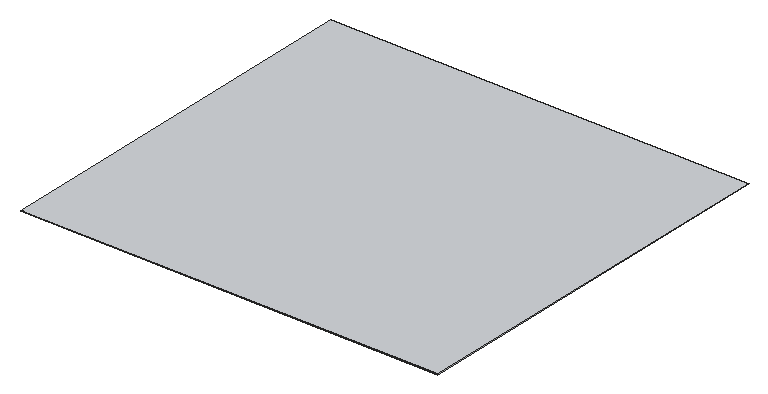
Revit family "WLL_bay_template", category Walls, Revit 2024
Family settings
  Work Plane-Based = No
  Always vertical = No
  Cut with Voids When Loaded = No
  Shared = Yes
Parameters
  Type IFC Predefined Type = "PARTITIONING"
  Structural Material = <By Category>
  HSL_drofus_room_func_no [instance] = ""
  HSL_WIDTH [instance] = 2367.295 mm
  HSL_ROOM_NUMBER [instance] = ""
  HSL_ROOM_NAME_SHORT [instance] = ""
  HSL_ROOM_NAME [instance] = ""
  HSL_HEIGHT [instance] = 2438.4 mm
  HSL_GROSS_FLOOR_AREA [instance] = 0.00 m²
  HSL_DEPTH [instance] = 1044.001 mm
  HSL_DEPARTMENT_2 [instance] = ""
  HSL_DEPARTMENT_1 [instance] = ""
  HSL_DEPARTMENT [instance] = ""
  HSL_CLIENT_REQ_AREA_DIFF_PERC [instance] = if(HSL_GROSS_FLOOR_AREA - HSL_CLIENT_REQ_AREA = 0.00 m², 0, if(HSL_CLIENT_REQ_AREA = 0.00 m², 9999, 100 * (HSL_GROSS_FLOOR_AREA - HSL_CLIENT_REQ_AREA) / HSL_CLIENT_REQ_AREA))  # 0
  HSL_CLIENT_REQ_AREA_DIFF [instance] = HSL_GROSS_FLOOR_AREA - HSL_CLIENT_REQ_AREA  # 0.00 m²
  HSL_CLIENT_REQ_AREA [instance] = 0.00 m²
  Export Type to IFC As = "IfcWallType"
Reference planes
  plane 1: z = 0
  plane 2: z = 2438.4
  plane 3: x = 0
  plane 4: y = 0
Dimensions and locks
  "HSL_HEIGHT": plane 2 to level
  aligned and locked: nested 2 to plane 3
  aligned and locked: plane 4 to nested 2
  aligned and locked: nested 3 to plane 3
  aligned and locked: plane 4 to nested 3
Nested families
  nested 1: "ANN_Planning_nested_tag" at (0, -0.618, 0), HSL_DEPTH <- "HSL_DEPTH", HSL_WIDTH <- "HSL_WIDTH", HSL_ROOM_NAME_SHORT <- "HSL_ROOM_NAME_SHORT", HSL_drofus_room_func_no <- "HSL_drofus_room_func_no", HSL_CLIENT_REQ_AREA <- "HSL_CLIENT_REQ_AREA", HSL_GROSS_FLOOR_AREA <- "HSL_GROSS_FLOOR_AREA", type "ANN_Planning_nested_tag"
    with HSL_drofus_room_func_no "", HSL_WIDTH 2367.295 mm, HSL_ROOM_NAME_SHORT "", HSL_ID_INSTANCE "", HSL_GROSS_FLOOR_AREA 0.00 m², HSL_DEPTH 1044.001 mm, HSL_CLIENT_REQ_AREA 0.00 m²
  nested 2: "GEN_Inner_Nested_Bay_template" at (0, 0, 0), HSL_DEPARTMENT <- "HSL_DEPARTMENT", HSL_DEPARTMENT_1 <- "HSL_DEPARTMENT_1", HSL_DEPARTMENT_2 <- "HSL_DEPARTMENT_2", HSL_ROOM_NUMBER <- "HSL_ROOM_NUMBER", HSL_drofus_room_func_no <- "HSL_drofus_room_func_no", HSL_CLIENT_REQ_AREA_DIFF <- "HSL_CLIENT_REQ_AREA_DIFF", HSL_CLIENT_REQ_AREA_DIFF_PERC <- "HSL_CLIENT_REQ_AREA_DIFF_PERC", HSL_DEPTH <- "HSL_DEPTH", HSL_HEIGHT <- "HSL_HEIGHT", HSL_WIDTH <- "HSL_WIDTH", type "Rectangle_Inner_Nested", detail levels medium+fine
    with HSL_drofus_room_func_no "", HSL_WIDTH 2367.295 mm, HSL_ROOM_NUMBER "", HSL_HEIGHT 2438.4 mm, HSL_DEPTH 1044.001 mm, HSL_DEPARTMENT_2 "", HSL_DEPARTMENT_1 "", HSL_DEPARTMENT "", HSL_CLIENT_REQ_AREA_DIFF_PERC 0, HSL_CLIENT_REQ_AREA_DIFF 0.00 m²
  nested 3: "GEN_Inner_Nested_Coarse_Bay_template" at (0, 0, 0), HSL_DEPTH <- "HSL_DEPTH", HSL_HEIGHT <- "HSL_HEIGHT", HSL_WIDTH <- "HSL_WIDTH", HSL_DEPARTMENT <- "HSL_DEPARTMENT", HSL_DEPARTMENT_1 <- "HSL_DEPARTMENT_1", HSL_DEPARTMENT_2 <- "HSL_DEPARTMENT_2", HSL_ROOM_NUMBER <- "HSL_ROOM_NUMBER", HSL_drofus_room_func_no <- "HSL_drofus_room_func_no", HSL_CLIENT_REQ_AREA_DIFF <- "HSL_CLIENT_REQ_AREA_DIFF", HSL_CLIENT_REQ_AREA_DIFF_PERC <- "HSL_CLIENT_REQ_AREA_DIFF_PERC", type "Rectangle_Inner_Nested", detail levels coarse
    with HSL_drofus_room_func_no "", HSL_WIDTH 2367.295 mm, HSL_ROOM_NUMBER "", HSL_HEIGHT 2438.4 mm, HSL_DEPTH 1044.001 mm, HSL_DEPARTMENT_2 "", HSL_DEPARTMENT_1 "", HSL_DEPARTMENT "", HSL_CLIENT_REQ_AREA_DIFF_PERC 0, HSL_CLIENT_REQ_AREA_DIFF 0.00 m²
Definition of nested family "GEN_Inner_Nested_Bay_template"
  Parameters (values of type "Rectangle_Inner_Nested")
    Learning Link = ""
    HSL_drofus_room_func_no [instance] = ""
    HSL_WIDTH [instance] = 1880 mm
    HSL_ROOM_NUMBER [instance] = ""
    HSL_HEIGHT [instance] = 1574.089 mm
    HSL_DEPTH [instance] = 1766.032 mm
    HSL_DEPARTMENT_2 [instance] = ""
    HSL_DEPARTMENT_1 [instance] = ""
    HSL_DEPARTMENT [instance] = ""
    HSL_CLIENT_REQ_AREA_DIFF_PERC [instance] = 0
    HSL_CLIENT_REQ_AREA_DIFF [instance] = 0.00 m²
    Default Elevation = 0 mm
  Reference planes
    plane 1 "Center (Front/Back)": y = 0
    plane 2: z = 0
    plane 3 "Center (Left/Right)": x = 0
    plane 4: z = 1574.089
  Forms (mm)
    Extrusion 1, solid, detail levels medium+fine
      sketch origin (0, 0, 0) x (1, 0, 0) y (0, 1, 0)
        loop
          line (-832.073, 775.089) -> (-832.073, -775.089) -> (832.073, -775.089) -> (832.073, 775.089) -> (-832.073, 775.089)
      from 0 to 1
  Lines and regions (mm)
    model lines, detail levels medium+fine
      curve 1: line (0, 0, 0) -> (0, 0, 1574.089)
  Dimensions and locks
    "HSL_HEIGHT": plane 4 to level
    aligned and locked: level to plane 2
    aligned and locked: plane 4 to curve 1
    aligned and locked: level to curve 1
    aligned and locked: plane 3 "Center (Left/Right)" to curve 1
  Automatic sketch dimensions
    plane 3 "Center (Left/Right)" to Extrusion 1 sketch curve = 832.073 mm
    Extrusion 1 sketch curve to plane 1 "Center (Front/Back)" = 775.089 mm
    Extrusion 1 sketch curve to plane 3 "Center (Left/Right)" = 832.073 mm
    plane 1 "Center (Front/Back)" to Extrusion 1 sketch curve = 775.089 mm
Definition of nested family "ANN_Planning_nested_tag"
  Parameters (values of type "ANN_Planning_nested_tag")
    Learning Link = ""
    HSL_drofus_room_func_no [instance] = "00.00.00"
    HSL_WIDTH [instance] = 2000 mm
    HSL_ROOM_NAME_SHORT [instance] = "SAMPLE"
    HSL_ID_INSTANCE [instance] = ""
    HSL_GROSS_FLOOR_AREA [instance] = 60.00 m²
    HSL_DEPTH [instance] = 3000 mm
    HSL_CLIENT_REQ_AREA [instance] = 30.00 m²
    Default Elevation = 0 mm
  Reference planes
    plane 1 "Center (Front/Back)": y = 0
    plane 2: z = 0
    plane 3 "Center (Left/Right)": x = 0
  Dimensions and locks
    aligned and locked: level to plane 2
  Nested families
    nested 1: "SYM_Planning_Annotation" at (-30, -159.812, 0), HSL_GROSS_FLOOR_AREA <- "HSL_GROSS_FLOOR_AREA", HSL_ROOM_NAME_SHORT <- "HSL_ROOM_NAME_SHORT", HSL_drofus_room_func_no <- "HSL_drofus_room_func_no", HSL_DEPTH <- "HSL_DEPTH", HSL_WIDTH <- "HSL_WIDTH", HSL_CLIENT_REQ_AREA <- "HSL_CLIENT_REQ_AREA", type "SYM_Planning_Annotation"
      with HSL_drofus_room_func_no "00.00.00", HSL_WIDTH 2000 mm, HSL_ROOM_NAME_SHORT "SAMPLE", HSL_GROSS_FLOOR_AREA 60.00 m², HSL_DEPTH 3000 mm, HSL_CLIENT_REQ_AREA 30.00 m²
  Definition of nested family "SYM_Planning_Annotation"
    Parameters (values of type "SYM_Planning_Annotation")
      HSL_drofus_room_func_no [instance] = ""
      HSL_WIDTH [instance] = 0 mm
      HSL_ROOM_NAME_SHORT [instance] = ""
      HSL_GROSS_FLOOR_AREA [instance] = 0.00 m²
      HSL_DEPTH [instance] = 0 mm
      HSL_CLIENT_REQ_AREA [instance] = 0.00 m²
    Reference planes
      plane 1: y = 0
      plane 2: x = 0
    Text (mm)
      label "HSL_WIDTH/ HSL_DEPTH\nHSL_drofus_room_func_no\nHSL_ROOM_NAME_SHORT\nHSL_GROSS_FLOOR_AREA /  [HSL_CLIENT_REQ_AREA]" at (1.878, 17.288, 0), shows "HSL_WIDTH", "HSL_DEPTH", "HSL_drofus_room_func_no", "HSL_ROOM_NAME_SHORT", "HSL_GROSS_FLOOR_AREA", "HSL_CLIENT_REQ_AREA"
Definition of nested family "GEN_Inner_Nested_Coarse_Bay_template"
  Parameters (values of type "Rectangle_Inner_Nested")
    Learning Link = ""
    HSL_drofus_room_func_no [instance] = ""
    HSL_WIDTH [instance] = 3000 mm
    HSL_ROOM_NUMBER [instance] = ""
    HSL_HEIGHT [instance] = 1574.089 mm
    HSL_DEPTH [instance] = 3000 mm
    HSL_DEPARTMENT_2 [instance] = ""
    HSL_DEPARTMENT_1 [instance] = ""
    HSL_DEPARTMENT [instance] = ""
    HSL_CLIENT_REQ_AREA_DIFF_PERC [instance] = 0
    HSL_CLIENT_REQ_AREA_DIFF [instance] = 0.00 m²
    Default Elevation = 0 mm
  Reference planes
    plane 1 "Center (Front/Back)": y = 0
    plane 2: z = 0
    plane 3 "Center (Left/Right)": x = 0
    plane 4: z = 1574.089
  Forms (mm)
    Extrusion 1, solid, detail levels coarse
      sketch origin (0, 0, 0) x (1, 0, 0) y (0, 1, 0)
        loop
          arc (-1200, 1400) -> (-1341.421, 1341.421) -> (-1400, 1200) r 200
          line (-1400, 1200) -> (-1400, -1200)
          arc (-1400, -1200) -> (-1341.421, -1341.421) -> (-1200, -1400) r 200
          line (-1200, -1400) -> (1200, -1400)
          arc (1200, -1400) -> (1341.421, -1341.421) -> (1400, -1200) r 200
          line (1400, -1200) -> (1400, 1200)
          arc (1400, 1200) -> (1341.421, 1341.421) -> (1200, 1400) r 200
          line (1200, 1400) -> (-1200, 1400)
      from 0 to 1
  Lines and regions (mm)
    model lines, detail levels coarse
      curve 1: line (0, 0, 0) -> (0, 0, 1574.089)
    symbolic lines, detail levels coarse
      curve 2: line (1200, 1400, 0) -> (-1200, 1400, 0)
      curve 3: line (-1400, 1200, 0) -> (-1400, -1200, 0)
      curve 4: line (1400, -1200, 0) -> (1400, 1200, 0)
      curve 5: line (-1200, -1400, 0) -> (1200, -1400, 0)
      curve 6: arc (-1400, 1200, 0) -> (-1341.421, 1341.421, 0) -> (-1200, 1400, 0) r 200
      curve 7: arc (1200, 1400, 0) -> (1341.421, 1341.421, 0) -> (1400, 1200, 0) r 200
      curve 8: arc (1400, -1200, 0) -> (1341.421, -1341.421, 0) -> (1200, -1400, 0) r 200
      curve 9: arc (-1200, -1400, 0) -> (-1341.421, -1341.421, 0) -> (-1400, -1200, 0) r 200
  Dimensions and locks
    "HSL_HEIGHT": plane 4 to level
    aligned and locked: level to plane 2
    aligned and locked: plane 4 to curve 1
    aligned and locked: level to curve 1
    aligned and locked: plane 3 "Center (Left/Right)" to curve 1
  Automatic sketch dimensions
    curve 6 to plane 1 "Center (Front/Back)" = 1200 mm
    Extrusion 1 sketch curve to Extrusion 1 sketch curve = 200 mm  (x3)
    Extrusion 1 sketch curve to plane 1 "Center (Front/Back)" = 1200 mm
    plane 3 "Center (Left/Right)" to curve 5 = 1200 mm
    plane 3 "Center (Left/Right)" to curve 7 = 1200 mm
    curve 7 to curve 4 = 200 mm
    plane 3 "Center (Left/Right)" to Extrusion 1 sketch curve = 1200 mm
    plane 1 "Center (Front/Back)" to curve 8 = 1200 mm
    plane 1 "Center (Front/Back)" to Extrusion 1 sketch curve = 1200 mm
    curve 9 to plane 3 "Center (Left/Right)" = 1200 mm
    curve 6 to plane 3 "Center (Left/Right)" = 1200 mm
    curve 3 to curve 9 = 200 mm
    Extrusion 1 sketch curve to plane 3 "Center (Left/Right)" = 1200 mm  (x2)
